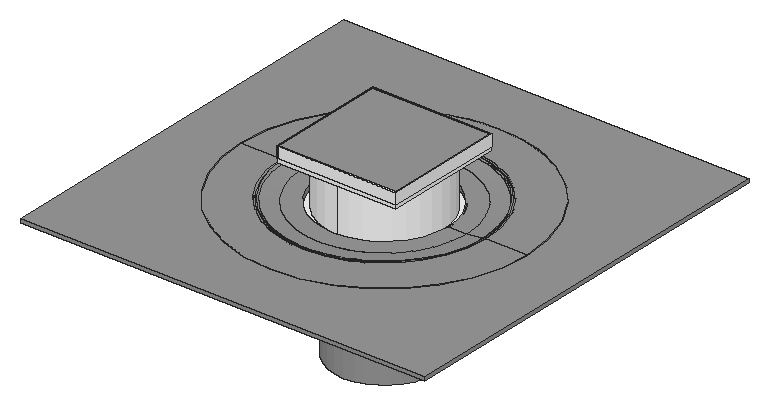
Revit family "HL_RU_Roof drain_HL62BH-B-221103", category Instalační zařizovací předměty, Revit 2021
Family settings
  Kóta kulaté spojky = Použít průměr
  Typ dílu = Normální
  Číslo OmniClass = 23.70.50.21.24.14
  Nadpis OmniClass = Deck Waste Water Drains
  Založené na pracovní rovině = Ne
  Vždy vertikální = Ano
  Ořezat dutým tvarem při načtení = Ne
  Sdílené = Ne
  Bod výpočtu místnosti = Ano
Parameters (values of type "HL_Кровельная воронка_HL62BH_2")
  РЕШЁТКА = "Edelstahl 137x137mm"
  РАЗМЕР = "DN125"
  ПРОПУСКНАЯ СПОСОБНОСТЬ [instance] = 0.0 L/s
  ПРОИЗВОДИТЕЛЬНОСТЬ = "6,0 l/s"
  ПРАВОВАЯ ИНФОРМАЦИЯ = "Авторские права(©), права на дизайн или какие либо другие права интелектуальной собственности являются исключительной собственностью компании HL Hutterer & Lechner. Изменению не подлежит. Файл семейства с данными о прозводителе изделия защищен паролем с водяным знаком."
  НОМИНАЛЬНЫЙ ДИАМЕТР = 125 mm
  НАСАДКА = "12-65mm/148x148mm"
  МАТЕРИАЛ = "PP"
  МАКСИМАЛЬНАЯ НАГРУЗКА КЛАССА = "K - 300 kg"
  ВЫСОТА МОНТАЖА = "120 mm"
  ВЕС = "2,08 [kg]"
  Výchozí výška = 0 mm
  Výrobce = "HL Hutterer & Lechner GmbH"  # constant formula
  URL = "http://www.hutterer-lechner.com/ru/products/catalog/roof-drains/HL62BH/2.aspx"
  Материал плитка [instance] = none
  Přípoj ventilace = no
  Přípoj odpadních dílů = yes
  Přípoj HW = no
  Přípoj CW = no
  Popis = "Кровельные воронки"
  Model = "HL62BH_2"
  Assembly Code = " "
  Komentáře k typům = "HL62BH/2 Кровельная воронка DN125 с битумным полотном. Проходная _ 148х148мм/137х137мм.,"
  Keynote = "HL62BH_2"
  EAN = "9003076826223"
  Bысота монтажа [instance] = 65 mm
  G [instance] = 180.00°  # constant formula
  D [instance] = if(НОМИНАЛЬНЫЙ ДИАМЕТР = 160 mm, 64.6 mm, 71.7 mm) + Bысота монтажа  # 136.7 mm
  C [instance] = if(Bысота монтажа - 68 mm < 0 mm, 0 mm, Bысота монтажа - 68 mm)  # 0 mm
  B [instance] = 100 mm  # constant formula
  A [instance] = if(B - 100 mm > 15 mm, B - 100 mm, 15 mm)  # 15 mm
Types (5, lengths in mm): name | РАЗМЕР | НОМИНАЛЬНЫЙ ДИАМЕТР | ВЕС | URL | Model | Komentáře k typům | Keynote | EAN | D
  (no name) | "DN75" | 75 | "2,1 [kg]" | "http://www.hutterer-lechner.com/ru/products/catalog/roof-drains/HL62BH/7.aspx" | "HL62BH_7" | "HL62BH/7 Кровельная воронка DN75 с битумным полотном. Проходная _ 148х148мм/137х137мм.," | "HL62BH_7" | "9003076846221" | 136.7
  HL_Кровельная воронка_HL62BH_1 | "DN110" | 110 | "2,08 [kg]" | "http://www.hutterer-lechner.com/ru/products/catalog/roof-drains/HL62BH/1.aspx" | "HL62BH_1" | "HL62BH/1 Кровельная воронка DN110 с битумным полотном. Проходная _ 148х148мм/137х137мм.," | "HL62BH_1" | "9003076816224" | 136.7
  HL_Кровельная воронка_HL62BH_2 | "DN125" | 125 | "2,08 [kg]" | "http://www.hutterer-lechner.com/ru/products/catalog/roof-drains/HL62BH/2.aspx" | "HL62BH_2" | "HL62BH/2 Кровельная воронка DN125 с битумным полотном. Проходная _ 148х148мм/137х137мм.," | "HL62BH_2" | "9003076826223" | 136.7
  HL_Кровельная воронка_HL62BH_5 | "DN160" | 160 | "2,11 [kg]" | "http://www.hutterer-lechner.com/ru/products/catalog/roof-drains/HL62BH/5.aspx" | "HL62BH_5" | "HL62BH/5 Кровельная воронка DN160 с битумным полотном. Проходная _ 148х148мм/137х137мм.," | "HL62BH_5" | "9003076836222" | 129.6
  HL_Кровельная воронка_HL62BH_7 | "DN75" | 75 | "2,1 [kg]" | "http://www.hutterer-lechner.com/ru/products/catalog/roof-drains/HL62BH/7.aspx" | "HL62BH_7" | "HL62BH/7 Кровельная воронка DN75 с битумным полотном. Проходная _ 148х148мм/137х137мм.," | "HL62BH_7" | "9003076846221" | 136.7
Reference planes
  plane 1 "Center (Front/Back)": y = 0
  plane 2: z = 0
  plane 3 "Center (Left/Right)": x = 0
  plane 4: z = -100
  plane 5: z = -65
Lines and regions (mm)
  model lines, style "InvisibleLines"
    curve 1: line (0, 0, 0) -> (0, 0, 20)
  model lines, style "PlumbingFixtures", detail levels coarse+medium
    curve 2: line (0, 0, -100) -> (0, 0, -85)
    curve 3: line (0, 0, -85) -> (-85, 0, 0)
    curve 4: line (0, 0, -85) -> (85, 0, 0)
    curve 6: line (0, 0, -100) -> (0, 0, -236.7)
  reference lines, not visible
    curve 5: line (0, 0, -100) -> (0, 0, -236.7)
  symbolic lines, style "PlumbingFixtures", detail levels coarse+medium
    curve 7: line (-75, 75, 0) -> (75, 75, 0)
    curve 8: line (-75, -75, 0) -> (-75, 75, 0)
    curve 9: line (75, -75, 0) -> (-75, -75, 0)
    curve 10: line (75, 75, 0) -> (75, -75, 0)
    curve 11: line (-75, 75, 0) -> (-145.711, 145.711, 0)
    curve 12: line (75, 75, 0) -> (145.711, 145.711, 0)
    curve 13: line (-75, -75, 0) -> (-145.711, -145.711, 0)
    curve 14: line (75, -75, 0) -> (145.711, -145.711, 0)
  symbolic lines, style "PlumbingFixtures", not visible, detail levels coarse+medium
    curve 15: line (-75, 75, 0) -> (75, 75, 0)
    curve 16: line (-75, -75, 0) -> (-75, 75, 0)
    curve 17: line (75, -75, 0) -> (-75, -75, 0)
    curve 18: line (75, 75, 0) -> (75, -75, 0)
    curve 19: line (-75, 75, 0) -> (-145.711, 145.711, 0)
    curve 20: line (75, 75, 0) -> (145.711, 145.711, 0)
    curve 21: line (-75, -75, 0) -> (-145.711, -145.711, 0)
    curve 22: line (75, -75, 0) -> (145.711, -145.711, 0)
Text (mm)
  text "FLOOR" at (-162.344, 0, -10.979), in view "Drain Construction View"
Dimensions and locks
  "B": plane 2 to plane 4
  "Bысота монтажа": plane 2 to plane 5
  "A": curve 4 to plane 4
  "D": curve 5 to curve 5
  "D": curve 6 to curve 6
  locked: curve 4 to plane 3 "Center (Left/Right)" (angle 45.00°)
  locked: plane 3 "Center (Left/Right)" to curve 3 (angle 45.00°)
  "G": angle curve 5 to plane 3 "Center (Left/Right)"
  aligned and locked: level to plane 2
  aligned and locked: plane 2 to curve 4
  aligned and locked: plane 2 to curve 3
  aligned and locked: plane 4 to curve 5
  aligned and locked: plane 3 "Center (Left/Right)" to curve 5
  aligned and locked: plane 4 to curve 2
  aligned and locked: curve 6 to plane 4
  aligned and locked: plane 3 "Center (Left/Right)" to nested 1
  aligned and locked: plane 5 to nested 2
  aligned and locked: plane 2 to nested 1
  aligned and locked: nested 2 to curve 6
Automatic sketch dimensions
  curve 2 to plane 3 "Center (Left/Right)" = 0 mm
  curve 1 to plane 3 "Center (Left/Right)" = 0 mm
  curve 1 to level = 0 mm
  level to curve 1 = 20 mm
Nested families
  nested 1: "HL_Насадка_HL66.9S" at (0, 0, 0), Bысота монтажа <- "Bысота монтажа", type "HL_Grate frame_HL66.9S"
    with L 93 mm, IHmin 12 mm, IHmax 65 mm, Bысота монтажа 65 mm
  nested 2: "HL_кровельные воронки - корпус_HL62H" at (0, 0, -69.9), НОМИНАЛЬНЫЙ ДИАМЕТР <- "НОМИНАЛЬНЫЙ ДИАМЕТР", type "HL_кровельные воронки - корпус_HL62H"
    with НОМИНАЛЬНЫЙ ДИАМЕТР 125 mm, L 65 mm
Connectors
  piping at (0, 0, -236.7), diameter 125, driven by "ПРОПУСКНАЯ СПОСОБНОСТЬ", driven by "НОМИНАЛЬНЫЙ ДИАМЕТР"
    settings: on curve 5, index 1, connector inside diameter 609.6 mm, connector length 0 mm, flow factor 0, pipe flow 0.0 L/s, pressure drop 0.0 Pa, fitting loss kfactor 0, connector angle 0.00°, fixture units 0, engagement length 0 mm, angle of deflection 0.00°, flow configuration 1, flow direction 2, fitting loss method 0, system type 16, joint type 0, gender type 0, connector reference index -1, connector utility 0, adjustable connector yes, is connector primary yes, connector description ""
Definition of nested family "HL_Насадка_HL66.9S"
  Parameters (values of type "HL_Grate frame_HL66.9S")
    РЕШЁТКА = "Edelstahl 138x138mm"
    РАЗМЕР = "d 145 mm"
    ПРАВОВАЯ ИНФОРМАЦИЯ = "Авторские права(©), права на дизайн или какие либо другие права интелектуальной собственности являются исключительной собственностью компании HL Hutterer & Lechner. Изменению не подлежит. Файл семейства с данными о прозводителе изделия защищен паролем с водяным знаком."
    НАСАДКА = "147x147mm"
    МАТЕРИАЛ = "PP"
    МАКСИМАЛЬНАЯ НАГРУЗКА КЛАССА = "K - 300 kg"
    ВЫСОТА МОНТАЖА = "12-65mm"
    Материал плитка = none
    ВЕС = "0,345 [kg]"
    Default Elevation = 0 mm
    L [instance] = if(Bысота монтажа < IHmin, -100 mm, if(Bысота монтажа > IHmax, -100 mm, Bысота монтажа + 28 mm))  # 93 mm
    Manufacturer = "HL Hutterer & Lechner GmbH"
    URL = "http://www.hutterer-lechner.com/ru/products/catalog/roof-drains/HL66.9.aspx"
    Description = "Кровельные воронки"
    Model = "HL66.9"
    Type Comments = "HL66.9, Насадка d 145мм с бороздками/147х147мм/138х138мм"
    Keynote = "HL66.9"
    Bысота монтажа [instance] = 65 mm
    IHmin [instance] = 12 mm
    IHmax [instance] = 65 mm
    EAN = "9003076014606"
    Cost = 0
  Reference planes
    plane 1 "Střed (vpředu/vzadu)": y = 0
    plane 2: z = 0
    plane 3 "Střed (vlevo/vpravo)": x = 0
  Forms (mm)
    Revolve 1, solid, detail levels fine
      sketch origin (0, 0, 128) x (0, 1, 0) y (0, 0, 1)
        loop
          line (72.5, -142) -> (69.248, -142) -> (69.248, -221) -> (72.5, -221) -> (72.5, -142)
        axis (0, -142) -> (0, -221)
      angle from 0 to 360
    Extrusion 2, solid, detail levels fine
      sketch origin (-1.537, 0, -14.6) x (0, 1, 0) y (-1, 0, 0)
        loop
          line (74, 72.459) -> (-74, 72.459) -> (-74, -75.537) -> (74, -75.537) -> (74, 72.459)
        loop
          line (73, 71.463) -> (-73, 71.463) -> (-73, -74.537) -> (73, -74.537) -> (73, 71.463)
      from 0.6 to 14.6
    Extrusion 3, solid, detail levels fine
      sketch origin (-1.537, 0, -14) x (-1, 0, 0) y (0, 1, 0)
        loop
          line (71.463, 73) -> (-74.537, 73) -> (-74.537, -73) -> (71.463, -73) -> (71.463, 73)
        loop
          circle (-1.537, 0) r 72.5
      from 0 to 5
    Extrusion 4, solid, detail levels fine
      sketch origin (-1.537, 0, -14) x (-1, 0, 0) y (0, -1, 0)
        loop
          line (70.95, -72.397) -> (70.95, 72.463) -> (-74.05, 72.463) -> (-74.05, -72.397) -> (70.95, -72.397)
      from 0 to 14
    Revolve 5, solid, detail levels fine
      sketch origin (0, 75.989, -93) x (0, -1, 0) y (0, 0, -1)
        loop
          line (3.489, -20) -> (3.489, 0) -> (0.186, 0) -> (-2.325, -2.511) -> (-2.325, -20) -> (3.489, -20)
        axis (75.989, -20) -> (75.989, 0)
      angle from 0 to 360
  Lines and regions (mm)
    model lines, detail levels fine
      curve 1: line (36.25, 24.325, 0) -> (36.25, -24.42, 0)
      curve 2: line (43.75, -24.42, 0) -> (43.75, 24.325, 0)
      curve 3: line (52.25, 40.306, 0) -> (52.25, -40.355, 0)
      curve 4: line (59.75, -40.355, 0) -> (59.75, 40.306, 0)
      curve 5: line (20.25, 8.588, 0) -> (20.25, -8.684, 0)
      curve 6: line (27.75, -8.684, 0) -> (27.75, 8.588, 0)
      curve 7: arc (27.75, 8.588, 0) -> (24, 12.338, 0) -> (20.25, 8.588, 0) r 3.75
      curve 8: arc (20.25, -8.684, 0) -> (24, -12.434, 0) -> (27.75, -8.684, 0) r 3.75
      curve 9: arc (36.25, -24.42, 0) -> (40, -28.17, 0) -> (43.75, -24.42, 0) r 3.75
      curve 10: arc (43.75, 24.325, 0) -> (40, 28.075, 0) -> (36.25, 24.325, 0) r 3.75
      curve 11: arc (59.75, 40.306, 0) -> (56, 44.056, 0) -> (52.25, 40.306, 0) r 3.75
      curve 12: arc (52.25, -40.355, 0) -> (56, -44.105, 0) -> (59.75, -40.355, 0) r 3.75
      curve 13: line (-24.325, -36.25, 0) -> (24.42, -36.25, 0)
      curve 14: line (24.42, -43.75, 0) -> (-24.325, -43.75, 0)
      curve 15: line (-40.306, -52.25, 0) -> (40.355, -52.25, 0)
      curve 16: line (40.355, -59.75, 0) -> (-40.306, -59.75, 0)
      curve 17: line (-8.588, -20.25, 0) -> (8.684, -20.25, 0)
      curve 18: line (8.684, -27.75, 0) -> (-8.588, -27.75, 0)
      curve 19: arc (-8.588, -27.75, 0) -> (-12.338, -24, 0) -> (-8.588, -20.25, 0) r 3.75
      curve 20: arc (8.684, -20.25, 0) -> (12.434, -24, 0) -> (8.684, -27.75, 0) r 3.75
      curve 21: arc (24.42, -36.25, 0) -> (28.17, -40, 0) -> (24.42, -43.75, 0) r 3.75
      curve 22: arc (-24.325, -43.75, 0) -> (-28.075, -40, 0) -> (-24.325, -36.25, 0) r 3.75
      curve 23: arc (-40.306, -59.75, 0) -> (-44.056, -56, 0) -> (-40.306, -52.25, 0) r 3.75
      curve 24: arc (40.355, -52.25, 0) -> (44.105, -56, 0) -> (40.355, -59.75, 0) r 3.75
      curve 25: line (36.25, -24.42, 0) -> (36.25, 24.325, 0)
      curve 26: line (43.75, 24.325, 0) -> (43.75, -24.42, 0)
      curve 27: line (52.25, -40.355, 0) -> (52.25, 40.306, 0)
      curve 28: line (59.75, 40.306, 0) -> (59.75, -40.355, 0)
      curve 29: line (20.25, -8.684, 0) -> (20.25, 8.588, 0)
      curve 30: line (27.75, 8.588, 0) -> (27.75, -8.684, 0)
      curve 31: arc (27.75, -8.588, 0) -> (24, -12.338, 0) -> (20.25, -8.588, 0) r 3.75
      curve 32: arc (20.25, 8.684, 0) -> (24, 12.434, 0) -> (27.75, 8.684, 0) r 3.75
      curve 33: arc (36.25, 24.42, 0) -> (40, 28.17, 0) -> (43.75, 24.42, 0) r 3.75
      curve 34: arc (43.75, -24.325, 0) -> (40, -28.075, 0) -> (36.25, -24.325, 0) r 3.75
      curve 35: arc (59.75, -40.306, 0) -> (56, -44.056, 0) -> (52.25, -40.306, 0) r 3.75
      curve 36: arc (52.25, 40.355, 0) -> (56, 44.105, 0) -> (59.75, 40.355, 0) r 3.75
      curve 37: line (24.42, -36.25, 0) -> (-24.325, -36.25, 0)
      curve 38: line (-24.325, -43.75, 0) -> (24.42, -43.75, 0)
      curve 39: line (40.355, -52.25, 0) -> (-40.306, -52.25, 0)
      curve 40: line (-40.306, -59.75, 0) -> (40.355, -59.75, 0)
      curve 41: line (8.684, -20.25, 0) -> (-8.588, -20.25, 0)
      curve 42: line (-8.588, -27.75, 0) -> (8.684, -27.75, 0)
      curve 43: arc (8.588, -27.75, 0) -> (12.338, -24, 0) -> (8.588, -20.25, 0) r 3.75
      curve 44: arc (-8.684, -20.25, 0) -> (-12.434, -24, 0) -> (-8.684, -27.75, 0) r 3.75
      curve 45: arc (-24.42, -36.25, 0) -> (-28.17, -40, 0) -> (-24.42, -43.75, 0) r 3.75
      curve 46: arc (24.325, -43.75, 0) -> (28.075, -40, 0) -> (24.325, -36.25, 0) r 3.75
      curve 47: arc (40.306, -59.75, 0) -> (44.056, -56, 0) -> (40.306, -52.25, 0) r 3.75
      curve 48: arc (-40.355, -52.25, 0) -> (-44.105, -56, 0) -> (-40.355, -59.75, 0) r 3.75
      curve 49: line (-36.25, 24.325, 0) -> (-36.25, -24.325, 0)
      curve 50: line (-43.75, -24.325, 0) -> (-43.75, 24.325, 0)
      curve 51: line (-52.25, 40.306, 0) -> (-52.25, -40.306, 0)
      curve 52: line (-59.75, -40.306, 0) -> (-59.75, 40.306, 0)
      curve 53: line (-20.25, 8.588, 0) -> (-20.25, -8.588, 0)
      curve 54: line (-27.75, -8.684, 0) -> (-27.75, 8.588, 0)
      curve 55: arc (-27.75, 8.588, 0) -> (-24, 12.338, 0) -> (-20.25, 8.588, 0) r 3.75
      curve 56: arc (-20.25, -8.684, 0) -> (-24, -12.434, 0) -> (-27.75, -8.684, 0) r 3.75
      curve 57: arc (-43.75, 24.325, 0) -> (-40, 28.075, 0) -> (-36.25, 24.325, 0) r 3.75
      curve 58: arc (-59.75, 40.306, 0) -> (-56, 44.056, 0) -> (-52.25, 40.306, 0) r 3.75
      curve 59: line (-36.25, -24.325, 0) -> (-36.25, 24.325, 0)
      curve 60: line (-43.75, 24.325, 0) -> (-43.75, -24.325, 0)
      curve 61: line (-52.25, -40.306, 0) -> (-52.25, 40.306, 0)
      curve 62: line (-59.75, 40.306, 0) -> (-59.75, -40.306, 0)
      curve 63: line (-20.25, -8.588, 0) -> (-20.25, 8.588, 0)
      curve 64: line (-27.75, 8.588, 0) -> (-27.75, -8.684, 0)
      curve 65: arc (-27.75, -8.588, 0) -> (-24, -12.338, 0) -> (-20.25, -8.588, 0) r 3.75
      curve 66: arc (-20.25, 8.684, 0) -> (-24, 12.434, 0) -> (-27.75, 8.684, 0) r 3.75
      curve 67: arc (-36.25, 24.42, 0) -> (-40, 28.17, 0) -> (-43.75, 24.42, 0) r 3.75
      curve 68: arc (-43.75, -24.325, 0) -> (-40, -28.075, 0) -> (-36.25, -24.325, 0) r 3.75
      curve 69: arc (-59.75, -40.306, 0) -> (-56, -44.056, 0) -> (-52.25, -40.306, 0) r 3.75
      curve 70: arc (-52.25, 40.355, 0) -> (-56, 44.105, 0) -> (-59.75, 40.355, 0) r 3.75
      curve 71: line (-24.42, 36.25, 0) -> (24.325, 36.25, 0)
      curve 72: line (24.42, 43.75, 0) -> (-24.42, 43.75, 0)
      curve 73: line (-40.355, 52.25, 0) -> (40.306, 52.25, 0)
      curve 74: line (40.306, 59.75, 0) -> (-40.355, 59.75, 0)
      curve 75: line (-8.588, 20.25, 0) -> (8.588, 20.25, 0)
      curve 76: line (8.684, 27.75, 0) -> (-8.588, 27.75, 0)
      curve 77: arc (-8.588, 27.75, 0) -> (-12.338, 24, 0) -> (-8.588, 20.25, 0) r 3.75
      curve 78: arc (8.684, 20.25, 0) -> (12.434, 24, 0) -> (8.684, 27.75, 0) r 3.75
      curve 79: arc (24.42, 36.25, 0) -> (28.17, 40, 0) -> (24.42, 43.75, 0) r 3.75
      curve 80: line (24.325, 36.25, 0) -> (-24.42, 36.25, 0)
      curve 81: line (-24.42, 43.75, 0) -> (24.42, 43.75, 0)
      curve 82: line (40.306, 52.25, 0) -> (-40.355, 52.25, 0)
      curve 83: line (-40.355, 59.75, 0) -> (40.306, 59.75, 0)
      curve 84: line (8.588, 20.25, 0) -> (-8.588, 20.25, 0)
      curve 85: line (-8.588, 27.75, 0) -> (8.684, 27.75, 0)
      curve 86: arc (8.588, 27.75, 0) -> (12.338, 24, 0) -> (8.588, 20.25, 0) r 3.75
      curve 87: arc (-8.684, 20.25, 0) -> (-12.434, 24, 0) -> (-8.684, 27.75, 0) r 3.75
      curve 88: arc (-24.42, 36.25, 0) -> (-28.17, 40, 0) -> (-24.42, 43.75, 0) r 3.75
      curve 89: arc (24.325, 43.75, 0) -> (28.075, 40, 0) -> (24.325, 36.25, 0) r 3.75
      curve 90: arc (40.306, 59.75, 0) -> (44.056, 56, 0) -> (40.306, 52.25, 0) r 3.75
      curve 91: arc (-40.355, 52.25, 0) -> (-44.105, 56, 0) -> (-40.355, 59.75, 0) r 3.75
    reference lines
      curve 92: line (0, 75.989, -93) -> (0, -174.011, -93)
  Dimensions and locks
    Extrusion 2 sketch curve to Extrusion 2 sketch curve = 147.996 mm
    Extrusion 2 sketch curve to Extrusion 2 sketch curve = 148 mm
    "L": curve 92 to plane 2
    aligned and locked: level to plane 2
    aligned and locked: Revolve 1 to curve 92
  Automatic sketch dimensions
    plane 1 "Střed (vpředu/vzadu)" to Extrusion 2 sketch curve = 74 mm
    Extrusion 2 sketch curve to Extrusion 2 sketch curve = 1 mm  (x3)
    plane 3 "Střed (vlevo/vpravo)" to Extrusion 2 sketch curve = 74 mm
    Extrusion 2 sketch curve to Extrusion 2 sketch curve = 0.996 mm
    Extrusion 3 sketch curve to Extrusion 2 = 0 mm  (x4)
    Extrusion 3 sketch curve to Extrusion 2 = 73 mm  (x2)
    Extrusion 2 to curve 16 = 13.25 mm
    curve 24 to curve 47 = 3.75 mm
    curve 47 to curve 24 = 0 mm
    curve 48 to curve 23 = 0 mm  (x2)
    curve 23 to curve 38 = 8.5 mm
    curve 24 to curve 12 = 11.895 mm
    curve 12 to curve 35 = 0.048 mm
    curve 15 to curve 69 = 11.944 mm
    curve 22 to curve 45 = 3.75 mm
    curve 21 to curve 46 = 3.75 mm
    curve 46 to curve 21 = 0 mm
    curve 22 to curve 18 = 8.5 mm
    curve 21 to curve 9 = 11.83 mm
    curve 13 to curve 49 = 11.925 mm
    curve 9 to curve 34 = 0.095 mm
    curve 18 to curve 19 = 3.75 mm
    curve 44 to curve 19 = 0 mm  (x2)
    curve 43 to curve 20 = 0 mm
    curve 20 to curve 5 = 11.566 mm
    curve 49 to curve 64 = 15.642 mm
    curve 8 to curve 31 = 0.095 mm
    curve 56 to curve 53 = 0.095 mm
    curve 65 to curve 64 = 17.177 mm
    curve 31 to curve 29 = 17.177 mm
    curve 7 to curve 32 = 0.095 mm
    curve 55 to curve 66 = 0.095 mm
    curve 32 to curve 84 = 11.566 mm
    curve 86 to curve 78 = 3.75 mm
    curve 86 to curve 78 = 0 mm
    curve 77 to curve 87 = 3.75 mm
    curve 87 to curve 77 = 0 mm  (x2)
    curve 66 to curve 60 = 15.642 mm
    curve 32 to curve 26 = 15.642 mm
    curve 10 to curve 33 = 0.095 mm
    curve 57 to curve 67 = 0.095 mm
    curve 33 to curve 71 = 11.83 mm
    curve 89 to curve 89 = 3.75 mm
    curve 88 to curve 88 = 3.75 mm
    curve 89 to curve 79 = 0 mm
    curve 33 to curve 11 = 15.886 mm
    curve 67 to curve 51 = 15.886 mm
    curve 58 to curve 70 = 0.048 mm
    curve 11 to curve 36 = 0.048 mm
    curve 70 to curve 73 = 11.895 mm
    curve 90 to curve 90 = 3.75 mm
    Extrusion 2 to curve 28 = 13.25 mm
    curve 4 to curve 11 = 3.75 mm
    curve 35 to curve 12 = 0 mm
    curve 36 to curve 11 = 0 mm
    curve 3 to curve 2 = 8.5 mm
    curve 3 to curve 39 = 11.895 mm
    curve 11 to curve 83 = 11.944 mm
    curve 24 to curve 47 = 0.048 mm
    curve 26 to curve 9 = 3.75 mm
    curve 33 to curve 10 = 0 mm
    curve 34 to curve 9 = 0 mm
    curve 34 to curve 30 = 8.5 mm
    curve 90 to curve 72 = 15.886 mm
    curve 1 to curve 21 = 11.83 mm
    curve 79 to curve 80 = 0.095 mm
    curve 21 to curve 46 = 0.095 mm
    curve 6 to curve 32 = 3.75 mm
    curve 6 to curve 8 = 3.75 mm
    curve 31 to curve 8 = 0 mm
    curve 29 to curve 17 = 11.566 mm
    curve 7 to curve 78 = 11.566 mm
    curve 78 to curve 86 = 0.095 mm
    curve 20 to curve 43 = 0.095 mm
    curve 43 to curve 41 = 17.177 mm
    curve 86 to curve 77 = 17.177 mm
    curve 19 to curve 44 = 0.095 mm
    curve 77 to curve 87 = 0.095 mm
    curve 87 to curve 53 = 11.566 mm
    curve 53 to curve 66 = 3.75 mm
    curve 55 to curve 66 = 0 mm
    curve 56 to curve 54 = 3.75 mm
    curve 65 to curve 56 = 0 mm
    curve 44 to curve 14 = 15.642 mm
    curve 22 to curve 45 = 0.095 mm
    curve 87 to curve 72 = 15.736 mm
    curve 45 to curve 59 = 11.83 mm
    curve 57 to curve 67 = 3.75 mm
    curve 68 to curve 68 = 3.75 mm
    curve 45 to curve 15 = 15.886 mm
    curve 23 to curve 48 = 0.048 mm
    curve 72 to curve 74 = 15.935 mm
    curve 91 to curve 51 = 11.895 mm
    curve 51 to curve 70 = 3.75 mm
    curve 51 to curve 69 = 3.75 mm
    curve 45 to curve 22 = 0 mm
    curve 36 to curve 28 = 0 mm
    curve 33 to curve 2 = 0 mm
    curve 32 to curve 30 = 0 mm
    curve 66 to curve 55 = 0 mm
    curve 67 to curve 57 = 0 mm
    curve 70 to curve 51 = 0 mm
    Extrusion 4 sketch curve to Extrusion 3 = 0.487 mm
    Extrusion 4 sketch curve to Extrusion 3 = 0.513 mm
    Extrusion 4 sketch curve to Extrusion 3 = 0.603 mm
    Extrusion 4 sketch curve to Extrusion 3 = 0.537 mm
    Revolve 1 sketch curve to plane 1 "Střed (vpředu/vzadu)" = 0 mm
    Revolve 1 sketch curve to level = 14 mm
    Revolve 1 sketch curve to plane 1 "Střed (vpředu/vzadu)" = 69.248 mm
    Revolve 1 sketch curve to Revolve 1 sketch curve = 3.252 mm
    Revolve 1 sketch curve to Revolve 1 sketch curve = 79 mm
    Revolve 1 sketch curve to Revolve 1 sketch curve = 17.5 mm
    level to Revolve 1 sketch curve = 144.5 mm
    Revolve 5 sketch curve to curve 92 = 0 mm
    Revolve 5 sketch curve to curve 92 = 2.325 mm
    curve 92 to Revolve 5 sketch curve = 0.186 mm
    curve 92 to Revolve 5 sketch curve = 3.489 mm
    Revolve 5 sketch curve to curve 92 = 2.511 mm
    Revolve 5 sketch curve to curve 92 = 20 mm
    curve 92 to Revolve 5 sketch curve = 75.989 mm
    Revolve 5 sketch curve to curve 92 = 393 mm
    curve 92 to Revolve 5 sketch curve = 207 mm
    plane 1 "Střed (vpředu/vzadu)" to curve 92 = 174.011 mm
    curve 92 to plane 1 "Střed (vpředu/vzadu)" = 75.989 mm
    radius of Extrusion 3 sketch curve = 72.5 mm
Definition of nested family "HL_кровельные воронки - корпус_HL62H"
  Parameters (values of type "HL_кровельные воронки - корпус_HL62H")
    НОМИНАЛЬНЫЙ ДИАМЕТР [instance] = 75 mm
    Default Elevation = 0 mm
    Manufacturer = ""
    URL = ""
    Description = ""
    Model = ""
    L [instance] = if(НОМИНАЛЬНЫЙ ДИАМЕТР = 160 mm, 57.9 mm, 65 mm)  # 65 mm
    Type Comments = ""
    Cost = 0
  Reference planes
    plane 1 "Střed (vpředu/vzadu)": y = 0
    plane 2: z = 0
    plane 3 "Střed (vlevo/vpravo)": x = 0
    plane 4: z = -102
  Forms (mm)
    Revolve 1, solid, detail levels fine
      sketch origin (0, 0, 0) x (1, 0, 0) y (0, 0, 1)
        loop
          line (-177, -3) -> (-127.89, -3) -> (-105.416, -11.18) -> (-85.028, -11.18) -> (-85.028, -29.56) -> (-81.899, -29.56) -> (-79.985, -31.474) -> (-79.985, -102) -> (0, -102) -> (0, -25.8) -> (-75.044, -25.8) -> (-75.044, -20.618) -> (-79.171, -20.618) -> (-79.171, -4.05) -> (-102.851, -4.05) -> (-126.892, 4.7) -> (-177, 4.7) -> (-177, -3)
        axis (0, 4.7) -> (0, -102)
      angle from 0 to 360
    Extrusion 2, solid, detail levels fine
      sketch origin (0, 0, 0) x (1, 0, 0) y (0, 1, 0)
        loop
          line (-250, 250) -> (-250, -250) -> (250, -250) -> (250, 250) -> (-250, 250)
        loop
          circle (0, 0) r 177
      from 0 to 4.7
    Revolve 3, solid, detail levels fine
      sketch origin (0, 0, 0) x (1, 0, 0) y (0, 0, 1)
        loop
          line (-123.627, 4.9) -> (-124.52, 4.9) -> (-123.816, 3.629) -> (-121.372, 2.756) -> (-101.806, 0.7) -> (-80.171, 0.7) -> (-80.171, -4.05) -> (-79.171, -4.05) -> (-79.171, 1.7) -> (-101.754, 1.7) -> (-122.045, 3.833) -> (-123.627, 4.9)
        axis (0, 4.9) -> (0, -4.05)
      angle from 0 to 360
    Extrusion 4, solid, detail levels fine
      sketch origin (-79.985, -1524, -102) x (-1, 0, 0) y (0, -1, 0)
        loop
          circle (-79.985, -1524) r 37.5
      from 0 to -65
  Dimensions and locks
    "L": plane 4 to Extrusion 4
    "НОМИНАЛЬНЫЙ ДИАМЕТР": diameter of Extrusion 4 sketch curve
    aligned and locked: level to plane 2
  Automatic sketch dimensions
    plane 1 "Střed (vpředu/vzadu)" to Extrusion 2 sketch curve = 0 mm
    Extrusion 2 sketch curve to plane 3 "Střed (vlevo/vpravo)" = 0 mm
    Extrusion 2 sketch curve to plane 3 "Střed (vlevo/vpravo)" = 250 mm
    plane 3 "Střed (vlevo/vpravo)" to Extrusion 2 sketch curve = 250 mm
    plane 1 "Střed (vpředu/vzadu)" to Extrusion 2 sketch curve = 250 mm
    Extrusion 2 sketch curve to plane 1 "Střed (vpředu/vzadu)" = 250 mm
    Revolve 3 sketch curve to plane 3 "Střed (vlevo/vpravo)" = 0 mm
    Revolve 3 sketch curve to level = 4.05 mm
    Revolve 3 sketch curve to plane 3 "Střed (vlevo/vpravo)" = 79.171 mm
    Revolve 3 sketch curve to Revolve 3 sketch curve = 1 mm
    level to Revolve 3 sketch curve = 1.7 mm
    Revolve 3 sketch curve to Revolve 3 sketch curve = 21.583 mm
    Revolve 3 sketch curve to Revolve 3 sketch curve = 0.052 mm
    level to Revolve 3 sketch curve = 2.756 mm
    Revolve 3 sketch curve to Revolve 3 sketch curve = 19.618 mm
    level to Revolve 3 sketch curve = 3.833 mm
    Revolve 3 sketch curve to Revolve 3 sketch curve = 0.673 mm
    Revolve 3 sketch curve to Revolve 3 sketch curve = 1.582 mm
    level to Revolve 3 sketch curve = 3.629 mm
    Revolve 3 sketch curve to Revolve 3 sketch curve = 0.189 mm
    Revolve 3 sketch curve to Revolve 3 sketch curve = 0.893 mm
    level to Revolve 3 sketch curve = 0.7 mm
    Revolve 3 sketch curve to Revolve 3 sketch curve = 1.271 mm
    Revolve 3 sketch curve to level = 63.3 mm
    level to Revolve 3 sketch curve = 41.7 mm
    Revolve 1 sketch curve to plane 4 = 0 mm
    Revolve 1 sketch curve to plane 3 "Střed (vlevo/vpravo)" = 0 mm  (x2)
    Revolve 1 sketch curve to Revolve 1 sketch curve = 4.127 mm
    Revolve 1 sketch curve to level = 31.474 mm
    Revolve 1 sketch curve to level = 29.56 mm
    Revolve 1 sketch curve to Revolve 1 sketch curve = 1.914 mm
    Revolve 1 sketch curve to Revolve 1 sketch curve = 5.857 mm
    Revolve 1 sketch curve to level = 4.05 mm
    Revolve 1 sketch curve to Revolve 1 sketch curve = 17.824 mm
    Revolve 1 sketch curve to Revolve 1 sketch curve = 2.565 mm
    level to Revolve 1 sketch curve = 4.7 mm
    Revolve 1 sketch curve to Revolve 1 sketch curve = 24.04 mm
    Revolve 1 sketch curve to level = 3 mm
    Revolve 1 sketch curve to Revolve 1 sketch curve = 0.999 mm
    Revolve 1 sketch curve to Revolve 1 sketch curve = 49.11 mm
    Revolve 1 sketch curve to Revolve 1 sketch curve = 5.182 mm
    Revolve 1 sketch curve to Revolve 1 sketch curve = 7.13 mm
    Revolve 1 sketch curve to plane 4 = 198 mm
    level to Revolve 1 sketch curve = 295.621 mm
    Revolve 1 sketch curve to Revolve 1 sketch curve = 5.674 mm
    Revolve 1 sketch curve to plane 3 "Střed (vlevo/vpravo)" = 75.044 mm
    Revolve 1 sketch curve to Revolve 1 sketch curve = 5.043 mm
    plane 1 "Střed (vpředu/vzadu)" to Extrusion 4 sketch curve = 0 mm
    Extrusion 4 sketch curve to plane 3 "Střed (vlevo/vpravo)" = 0 mm
    radius of Extrusion 2 sketch curve = 177 mm
